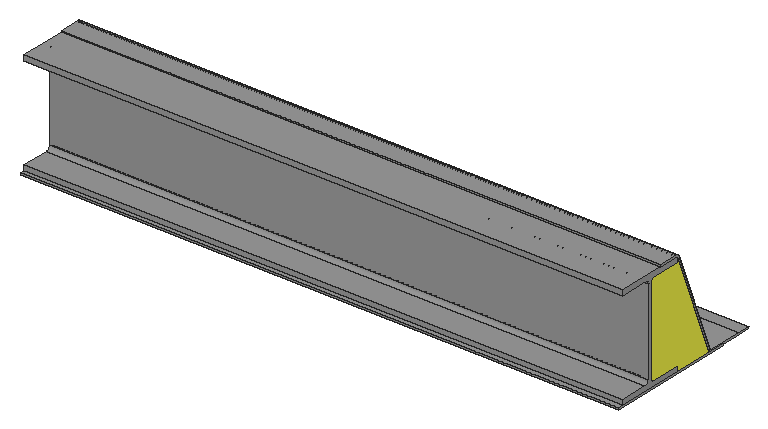
Revit family "XK 130", category Generic Models, Revit 2014
Parameters (values of type "Max lintel length 6600mm")
  URL = "http://www.keystonelintels.co.uk"
  Structural Opening [instance] = 900 mm
  Structural Performance = "The Keystone lintel range has safe working loads as detailed in each applicable loading table in the Keystone Lintel Guide brochure. The structural performance figures within each table have been ascertained by testing in accordance with the requirements of standards BS EN 5977-2: 1983 and BS EN 845-2: 2003."
  RIBA Productor Selector = "available for Keystone Lintels Ltd from Keystone Lintels Ltd from ribaproductselector.com"
  Model = "X/K 130"
  Min Length = 600 mm
  Min Clear Span = 300 mm
  Max Length = 4800 mm
  Max Clear Span = 6600 mm
  Material - Stainless Steel = "Grade 304 2b 1.4307 to BS EN 10088-2. Other grades available on request: contact manufacturer."
  Material - Galvanised Steel = "To BS EN 10346: 2009. DX51D plus Z600 or grade Z275 to BS 5977-2: 1983 (BS EN 845-2: 2003)."
  Manufacturer = "Keystone"
  Manufactured Length [instance] = (roundup(Effective Length / 150 mm) * 150 mm)  # 1200 mm
  Lintel height [instance] = 2100 mm
  Keynote = "F30/755"
  Fire Performance = "Keystone lintels have been subjected to a fire test (WARRES No. 101263) in accordance with BS 476-20: 1987, at Exova Warrington Fire and achieved a one hour fire performance."
  End Bearing = 150 mm
  Effective Length [instance] = Clear Opening with MIN MAX set + End Bearing * 2  # 1200 mm
  Corrosion = "Keystone’s standard range of lintels are manufactured from high quality grade pre-galvanized carbon steel with a zinc coating of 600"
  Contact Tel = "+44 (0)28 8676 2184"
  Contact Email = "info@keystonelintels.co.uk"
  Clear Opening with MIN MAX set [instance] = if(Structural Opening < Min Clear Span, Min Clear Span, (if(Structural Opening > Max Clear Span, Max Clear Span, Structural Opening)))  # 900 mm
  CPD Information = "Available for Keystone Lintels Ltd from ribacpd.com"
Reference planes
  plane 1 "Center (Front/Back)": y = 0
  plane 2: z = 0
  plane 3 "Center (Left/Right)": x = 0
  plane 4: x = -600
  plane 5: x = 600
  plane 6: z = 2100
  plane 7: x = -450
  plane 8: x = 450
Forms (mm)
  Extrusion 1, solid, material "Steel"
    sketch origin (0, 693.652, -506.841) x (0, 1, 0) y (0, 0, 1)
      loop
        line (-555.114, 2605.982) -> (-555.004, 2609.18) -> (-579.97, 2610.041) -> (-650.096, 2610.041)
        arc (-650.096, 2610.041) -> (-651.115, 2610.357) -> (-651.776, 2611.195) r 1.8
        line (-651.776, 2611.195) -> (-729.554, 2813.507)
        arc (-729.554, 2813.507) -> (-731.464, 2815.927) -> (-734.408, 2816.841) r 5.2
        line (-734.408, 2816.841) -> (-774.408, 2816.841) -> (-774.408, 2813.641) -> (-734.408, 2813.641)
        arc (-734.408, 2813.641) -> (-733.276, 2813.29) -> (-732.541, 2812.359) r 2
        line (-732.541, 2812.359) -> (-654.763, 2610.047)
        arc (-654.763, 2610.047) -> (-652.927, 2607.72) -> (-650.096, 2606.841) r 5
        line (-650.096, 2606.841) -> (-580.025, 2606.841) -> (-555.114, 2605.982)
    from -600 to 600
  Extrusion 2, solid, material "Steel"
    sketch origin (0, 693.313, -506.841) x (0, 1, 0) y (0, 0, 1)
      loop
        line (-735.069, 2813.641) -> (-868.969, 2813.641) -> (-868.969, 2804.041) -> (-812.819, 2804.041)
        arc (-812.819, 2804.041) -> (-807.445, 2801.815) -> (-805.219, 2796.441) r 7.6
        line (-805.219, 2796.441) -> (-805.219, 2624.041)
        arc (-805.219, 2624.041) -> (-807.445, 2618.667) -> (-812.819, 2616.441) r 7.6
        line (-812.819, 2616.441) -> (-868.969, 2616.441) -> (-868.969, 2606.841) -> (-735.069, 2606.841) -> (-735.069, 2616.441) -> (-791.219, 2616.441)
        arc (-791.219, 2616.441) -> (-796.593, 2618.667) -> (-798.819, 2624.041) r 7.6
        line (-798.819, 2624.041) -> (-798.819, 2796.441)
        arc (-798.819, 2796.441) -> (-796.593, 2801.815) -> (-791.219, 2804.041) r 7.6
        line (-791.219, 2804.041) -> (-735.069, 2804.041) -> (-735.069, 2813.641)
    from -600 to 600
  Extrusion 3, solid, material "Steel"
    sketch origin (0, 693.313, -506.841) x (0, 1, 0) y (0, 0, 1)
      loop
        line (-618.969, 2603.641) -> (-618.969, 2606.841) -> (-878.969, 2606.841) -> (-878.969, 2603.641) -> (-618.969, 2603.641)
    from -600 to 600
  Extrusion 4, solid, material "Insulation"
    sketch origin (0, 693.652, -506.841) x (0, 1, 0) y (0, 0, 1)
      loop
        line (-735.069, 2804.041) -> (-791.219, 2804.041)
        arc (-791.219, 2804.041) -> (-796.593, 2801.815) -> (-798.819, 2796.441) r 7.6
        line (-798.819, 2796.441) -> (-798.819, 2624.041)
        arc (-798.819, 2624.041) -> (-796.593, 2618.667) -> (-791.219, 2616.441) r 7.6
        line (-791.219, 2616.441) -> (-735.069, 2616.441) -> (-735.069, 2606.841) -> (-650.096, 2606.841)
        arc (-650.096, 2606.841) -> (-652.927, 2607.72) -> (-654.763, 2610.047) r 5
        line (-654.763, 2610.047) -> (-732.541, 2812.359)
        arc (-732.541, 2812.359) -> (-733.276, 2813.29) -> (-734.408, 2813.641) r 2
        line (-734.408, 2813.641) -> (-735.069, 2804.041)
    from -600 to 600
  Extrusion 5, solid, not visible
    sketch origin (0, 955.451, 1255.813) x (0, 1, 0) y (0, 0, 1)
      loop
        line (-555.114, 1005.982) -> (-555.004, 1009.18) -> (-579.97, 1010.041) -> (-650.096, 1010.041)
        arc (-650.096, 1010.041) -> (-651.115, 1010.357) -> (-651.776, 1011.195) r 1.8
        line (-651.776, 1011.195) -> (-729.554, 1213.507)
        arc (-729.554, 1213.507) -> (-731.464, 1215.927) -> (-734.408, 1216.841) r 5.2
        line (-734.408, 1216.841) -> (-774.408, 1216.841) -> (-774.408, 1213.641) -> (-734.408, 1213.641)
        arc (-734.408, 1213.641) -> (-733.276, 1213.29) -> (-732.541, 1212.359) r 2
        line (-732.541, 1212.359) -> (-654.763, 1010.047)
        arc (-654.763, 1010.047) -> (-652.927, 1007.72) -> (-650.096, 1006.841) r 5
        line (-650.096, 1006.841) -> (-580.025, 1006.841) -> (-555.114, 1005.982)
    from 0 to 250
  Extrusion 6, solid, not visible
    sketch origin (0, 589.077, 1252.015) x (0, 1, 0) y (0, 0, 1)
      loop
        line (-735.069, 1213.641) -> (-868.969, 1213.641) -> (-868.969, 1204.041) -> (-812.819, 1204.041)
        arc (-812.819, 1204.041) -> (-807.445, 1201.815) -> (-805.219, 1196.441) r 7.6
        line (-805.219, 1196.441) -> (-805.219, 1024.041)
        arc (-805.219, 1024.041) -> (-807.445, 1018.667) -> (-812.819, 1016.441) r 7.6
        line (-812.819, 1016.441) -> (-868.969, 1016.441) -> (-868.969, 1006.841) -> (-735.069, 1006.841) -> (-735.069, 1016.441) -> (-791.219, 1016.441)
        arc (-791.219, 1016.441) -> (-796.593, 1018.667) -> (-798.819, 1024.041) r 7.6
        line (-798.819, 1024.041) -> (-798.819, 1196.441)
        arc (-798.819, 1196.441) -> (-796.593, 1201.815) -> (-791.219, 1204.041) r 7.6
        line (-791.219, 1204.041) -> (-735.069, 1204.041) -> (-735.069, 1213.641)
    from 0 to 250
  Extrusion 7, solid, not visible
    sketch origin (0, 1120.413, 1007.887) x (0, 1, 0) y (0, 0, 1)
      loop
        line (-618.969, 1003.641) -> (-618.969, 1006.841) -> (-878.969, 1006.841) -> (-878.969, 1003.641) -> (-618.969, 1003.641)
    from 0 to 250
  Extrusion 8, solid, not visible
    sketch origin (0, 482.966, 786.667) x (0, 1, 0) y (0, 0, 1)
      loop
        line (-735.069, 1204.041) -> (-791.219, 1204.041)
        arc (-791.219, 1204.041) -> (-796.593, 1201.815) -> (-798.819, 1196.441) r 7.6
        line (-798.819, 1196.441) -> (-798.819, 1024.041)
        arc (-798.819, 1024.041) -> (-796.593, 1018.667) -> (-791.219, 1016.441) r 7.6
        line (-791.219, 1016.441) -> (-735.069, 1016.441) -> (-735.069, 1006.841) -> (-650.096, 1006.841)
        arc (-650.096, 1006.841) -> (-652.927, 1007.72) -> (-654.763, 1010.047) r 5
        line (-654.763, 1010.047) -> (-732.541, 1212.359)
        arc (-732.541, 1212.359) -> (-733.276, 1213.29) -> (-734.408, 1213.641) r 2
        line (-734.408, 1213.641) -> (-735.069, 1204.041)
    from 0 to 250
Dimensions and locks
  equal spacing: plane 4, plane 3 "Center (Left/Right)", plane 5
  "Manufactured Length": plane 4 to plane 5
  "Lintel height": plane 6 to level
  "Structural Opening": plane 7 to plane 8
  equal spacing: plane 7, plane 3 "Center (Left/Right)", plane 8
  aligned and locked: level to plane 2
  aligned and locked: Extrusion 1 to plane 6
  aligned and locked: Extrusion 2 to plane 6
  aligned and locked: Extrusion 4 to plane 6  (x2)
  aligned and locked: plane 6 to Extrusion 3
  aligned and locked: plane 5 to Extrusion 2
  aligned and locked: Extrusion 2 to plane 4
  aligned and locked: plane 5 to Extrusion 1
  aligned and locked: Extrusion 1 to plane 4
  aligned and locked: plane 5 to Extrusion 4
  aligned and locked: Extrusion 4 to plane 4
  aligned and locked: plane 5 to Extrusion 3
  aligned and locked: Extrusion 3 to plane 4
Automatic sketch dimensions
  Extrusion 1 sketch curve to Extrusion 1 sketch curve = 24.911 mm
  Extrusion 1 sketch curve to Extrusion 1 sketch curve = 0.11 mm
  Extrusion 1 sketch curve to Extrusion 1 sketch curve = 0.859 mm
  Extrusion 1 sketch curve to Extrusion 1 sketch curve = 0.055 mm
  Extrusion 1 sketch curve to Extrusion 1 sketch curve = 70.126 mm
  Extrusion 1 sketch curve to Extrusion 1 sketch curve = 0 mm  (x8)
  Extrusion 1 sketch curve to Extrusion 1 sketch curve = 1.8 mm
  Extrusion 1 sketch curve to Extrusion 1 sketch curve = 4.667 mm
  Extrusion 1 sketch curve to Extrusion 1 sketch curve = 1.68 mm
  Extrusion 1 sketch curve to Extrusion 1 sketch curve = 77.778 mm
  Extrusion 1 sketch curve to Extrusion 1 sketch curve = 202.312 mm
  Extrusion 1 sketch curve to Extrusion 1 sketch curve = 2.987 mm
  Extrusion 1 sketch curve to Extrusion 1 sketch curve = 1.148 mm
  Extrusion 1 sketch curve to Extrusion 1 sketch curve = 1.867 mm
  Extrusion 1 sketch curve to Extrusion 1 sketch curve = 0.718 mm
  Extrusion 1 sketch curve to Extrusion 1 sketch curve = 40 mm
  Extrusion 2 sketch curve to Extrusion 2 sketch curve = 133.9 mm
  Extrusion 2 sketch curve to Extrusion 2 sketch curve = 9.6 mm  (x2)
  Extrusion 2 sketch curve to Extrusion 2 sketch curve = 56.15 mm  (x3)
  Extrusion 2 sketch curve to Extrusion 2 sketch curve = 7.6 mm  (x4)
  Extrusion 2 sketch curve to Extrusion 2 sketch curve = 14 mm
  Extrusion 2 sketch curve to Extrusion 2 sketch curve = 0 mm  (x2)
  Extrusion 2 sketch curve to Extrusion 2 sketch curve = 172.4 mm
  Extrusion 3 sketch curve to Extrusion 3 sketch curve = 260 mm
  Extrusion 3 sketch curve to Extrusion 3 sketch curve = 3.2 mm
  Extrusion 4 sketch curve to Extrusion 4 sketch curve = 7.6 mm  (x3)
  Extrusion 4 sketch curve to Extrusion 4 sketch curve = 56.15 mm  (x2)
  Extrusion 4 sketch curve to Extrusion 4 sketch curve = 0.66 mm
  Extrusion 4 sketch curve to Extrusion 4 sketch curve = 1.867 mm
  Extrusion 4 sketch curve to Extrusion 4 sketch curve = 80.305 mm
  Extrusion 4 sketch curve to Extrusion 4 sketch curve = 3.206 mm
  Extrusion 4 sketch curve to Extrusion 4 sketch curve = 1.794 mm
  Extrusion 4 sketch curve to Extrusion 4 sketch curve = 9.6 mm
  Extrusion 4 sketch curve to Extrusion 4 sketch curve = 172.4 mm
  Extrusion 4 sketch curve to Extrusion 4 sketch curve = 0.718 mm
  Extrusion 5 sketch curve to Extrusion 5 sketch curve = 24.911 mm
  Extrusion 5 sketch curve to Extrusion 5 sketch curve = 0.11 mm
  Extrusion 5 sketch curve to Extrusion 5 sketch curve = 0.859 mm
  Extrusion 5 sketch curve to Extrusion 5 sketch curve = 0.055 mm
  Extrusion 5 sketch curve to Extrusion 5 sketch curve = 70.126 mm
  Extrusion 5 sketch curve to Extrusion 5 sketch curve = 0 mm  (x8)
  Extrusion 5 sketch curve to Extrusion 5 sketch curve = 1.8 mm
  Extrusion 5 sketch curve to Extrusion 5 sketch curve = 4.667 mm
  Extrusion 5 sketch curve to Extrusion 5 sketch curve = 1.68 mm
  Extrusion 5 sketch curve to Extrusion 5 sketch curve = 77.778 mm
  Extrusion 5 sketch curve to Extrusion 5 sketch curve = 202.312 mm
  Extrusion 5 sketch curve to Extrusion 5 sketch curve = 2.987 mm
  Extrusion 5 sketch curve to Extrusion 5 sketch curve = 1.148 mm
  Extrusion 5 sketch curve to Extrusion 5 sketch curve = 1.867 mm
  Extrusion 5 sketch curve to Extrusion 5 sketch curve = 0.718 mm
  Extrusion 5 sketch curve to Extrusion 5 sketch curve = 40 mm
  Extrusion 6 sketch curve to Extrusion 6 sketch curve = 133.9 mm
  Extrusion 6 sketch curve to Extrusion 6 sketch curve = 9.6 mm  (x2)
  Extrusion 6 sketch curve to Extrusion 6 sketch curve = 56.15 mm  (x3)
  Extrusion 6 sketch curve to Extrusion 6 sketch curve = 7.6 mm  (x4)
  Extrusion 6 sketch curve to Extrusion 6 sketch curve = 14 mm
  Extrusion 6 sketch curve to Extrusion 6 sketch curve = 0 mm  (x2)
  Extrusion 6 sketch curve to Extrusion 6 sketch curve = 172.4 mm
  Extrusion 7 sketch curve to Extrusion 7 sketch curve = 260 mm
  Extrusion 7 sketch curve to Extrusion 7 sketch curve = 3.2 mm
  Extrusion 8 sketch curve to Extrusion 8 sketch curve = 7.6 mm  (x3)
  Extrusion 8 sketch curve to Extrusion 8 sketch curve = 56.15 mm  (x2)
  Extrusion 8 sketch curve to Extrusion 8 sketch curve = 0.66 mm
  Extrusion 8 sketch curve to Extrusion 8 sketch curve = 1.867 mm
  Extrusion 8 sketch curve to Extrusion 8 sketch curve = 80.305 mm
  Extrusion 8 sketch curve to Extrusion 8 sketch curve = 3.206 mm
  Extrusion 8 sketch curve to Extrusion 8 sketch curve = 1.794 mm
  Extrusion 8 sketch curve to Extrusion 8 sketch curve = 9.6 mm
  Extrusion 8 sketch curve to Extrusion 8 sketch curve = 172.4 mm
  Extrusion 8 sketch curve to Extrusion 8 sketch curve = 0.718 mm
  Extrusion 3 sketch curve to plane 6 = 0 mm
  plane 1 "Center (Front/Back)" to Extrusion 3 sketch curve = 185.656 mm
  Extrusion 2 sketch curve to plane 6 = 0 mm
  plane 1 "Center (Front/Back)" to Extrusion 2 sketch curve = 175.656 mm
  Extrusion 4 sketch curve to plane 6 = 0 mm
  plane 1 "Center (Front/Back)" to Extrusion 4 sketch curve = 105.166 mm
  Extrusion 1 sketch curve to plane 6 = 0 mm
  plane 1 "Center (Front/Back)" to Extrusion 1 sketch curve = 80.756 mm
